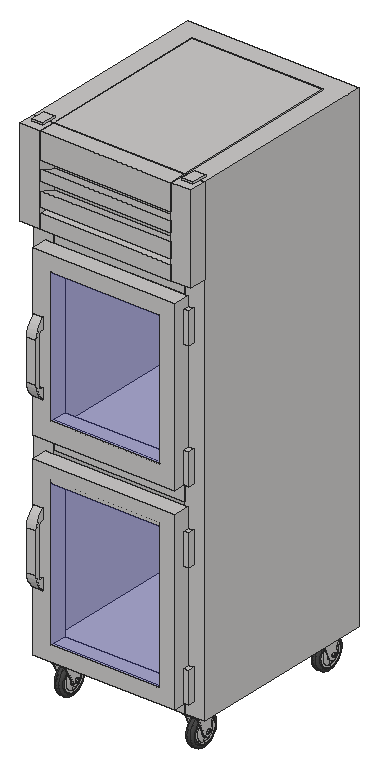
Revit family "QF_TRUE_STA1R-2HG-HC", category Specialty Equipment, Revit 2017
Family settings
  Round Connector Dimension = Use Diameter
  Part Type = Normal
  Work Plane-Based = No
  Always vertical = Yes
  Cut with Voids When Loaded = No
  Shared = No
  Room Calculation Point = No
Parameters
  Weight in Pounds = 0
  Watts = if(Phase = 3, Volts * FL Amps * 1.73, Volts * FL Amps)  # 437 W
  Volts = 115 V
  URL Cutsheet = ""
  Specification by User = ""
  Specification by Manufacturer = ""
  Show Seismic Flange [instance] = no
  Show Legs [instance] = no
  Show Clearance [instance] = yes
  Show Casters [instance] = not(or(Show Legs, Show Seismic Flange))  # yes
  Serial Number = ""
  Seismic Rating = ""
  Seismic Flange [instance] = yes
  SMACNA No = ""
  Revision Code = ""
  Phase = 1
  Number of Poles = 1
  NAFEM Spec ID Number = ""
  Model = "STA1R-2HG-HC"
  Min Ckt Ampacity = 0 A
  Max Overcurrent Protection = 0 A
  Masterspec = ""
  Manufacturer = "TRUE"
  Length = 27 1/2"
  Legs [instance] = yes
  Item Number = ""
  Installed By = ""
  Identify Quantity as Lot = yes
  Height [instance] = Body Height + Base Height  # 84.13097"
  HP = "1/4"
  Furnished By = ""
  Foodservice Equipment Identifier = yes
  FL Amps = 3.8 A
  Electrical Remarks = ""
  Electric Connection Type = ""
  Elec Conn RI Height = 0"
  Elec Conn Connection Height = 0"
  Description = "REACH-IN GLASS HALF SWING DOOR REFRIGERATOR WITH HYDROCARBON REFRIGERANT"
  Depth = 35 7/32"
  Cycle = 60 Hz
  Conn Plug = "NEMA 5-15P"
  Conn Conduit = yes
  CSI MasterFormat = ""
  Body Height [instance] = 78.00597"
  Base Height [instance] = if(Show Casters, 6 1/8", if(Show Legs, 6", if(Show Seismic Flange, 6", 6 1/8")))  # 6 1/8"
  Apparent Power = if(Phase = 3, Volts * FL Amps * 1.73, Volts * FL Amps)  # 437 VA
Reference planes (in)
  plane 1 "BACK": y = 0
  plane 2: z = 0
  plane 3 "LEFT": x = 0
  plane 4 "RIGHT": x = 27.5
  plane 5 "FRONT": y = -35.21875
  plane 6 "TOP": z = 6.125
  plane 7 "Center Y": x = 13.75
  plane 8 "Center X": y = -17.60937
  plane 9: z = 84.13097
Dimensions and locks (in)
  equal spacing: plane 3 "LEFT", plane 7 "Center Y", plane 4 "RIGHT"
  "Length": plane 3 "LEFT" to plane 4 "RIGHT"
  equal spacing: plane 5 "FRONT", plane 8 "Center X", plane 1 "BACK"
  "Depth": plane 5 "FRONT" to plane 1 "BACK"
  "Base Height": plane 6 "TOP" to level
  "Body Height": plane 9 to plane 6 "TOP"
  plane 9 to plane 2 = 84.13097"
  aligned and locked: plane 2 to level
  aligned and locked: plane 6 "TOP" to nested 5
Nested families (in)
  nested 1: "6 INCHES 01_CASTER" at (3.17613, -28.92578, 0), Seismic Plate <- "Show Seismic Flange", Show 6" Casters <- "Show Casters", Show Legs <- "Show Legs", type "6 INCHES 01_CASTER"
    with Type Mark "", Status "", Specification by User "", Show Legs no, Show 6" Casters yes, Seismic Plate no, Revision Code "", Key Locks yes, Item Number "", Installed By "", Identify Quantity as Lot yes, Furnished By "", Foodservice Equipment Identifier yes
  nested 2: "6 INCHES 01_CASTER" at (3.17613, -3.70678, 0), Seismic Plate <- "Show Seismic Flange", Show 6" Casters <- "Show Casters", Show Legs <- "Show Legs", type "6 INCHES 01_CASTER"
    with Type Mark "", Status "", Specification by User "", Show Legs no, Show 6" Casters yes, Seismic Plate no, Revision Code "", Key Locks yes, Item Number "", Installed By "", Identify Quantity as Lot yes, Furnished By "", Foodservice Equipment Identifier yes
  nested 3: "6 INCHES 01_CASTER" at (24.32387, -28.92578, 0), Seismic Plate <- "Show Seismic Flange", Show 6" Casters <- "Show Casters", Show Legs <- "Show Legs", type "6 INCHES 01_CASTER"
    with Type Mark "", Status "", Specification by User "", Show Legs no, Show 6" Casters yes, Seismic Plate no, Revision Code "", Key Locks yes, Item Number "", Installed By "", Identify Quantity as Lot yes, Furnished By "", Foodservice Equipment Identifier yes
  nested 4: "6 INCHES 01_CASTER" at (24.32387, -3.70678, 0), Seismic Plate <- "Show Seismic Flange", Show 6" Casters <- "Show Casters", Show Legs <- "Show Legs", type "6 INCHES 01_CASTER"
    with Type Mark "", Status "", Specification by User "", Show Legs no, Show 6" Casters yes, Seismic Plate no, Revision Code "", Key Locks yes, Item Number "", Installed By "", Identify Quantity as Lot yes, Furnished By "", Foodservice Equipment Identifier yes
  nested 5: "STA1R-2HG-HC" at (0, 0, 0), Show Clearance <- "Show Clearance", type "STA1R-2HG-HC"
    with Show Clearance yes
Connectors (in)
  electrical at (21.9001, 0.25, 82.52059), driven by "Volts", driven by "Watts"
    settings: on nested 5, index 1, voltage 115 V, apparent load 437 VA, apparent load phase1 0 VA, apparent load phase2 0 VA, apparent load phase3 0 VA, power factor 1, load classification "Other", number of poles 1, system type 30, power factor state 1, is connector primary yes, connector utility no, sub classification motor no, connector description "ELECTRICAL CONNECTION"
Definition of nested family "6 INCHES 01_CASTER"
  Parameters (values of type "6 INCHES 01_CASTER")
    Weight = ""
    URL Manufacturer = ""
    URL Cutsheet = ""
    URL = ""
    Type Mark [instance] = ""
    Status [instance] = ""
    Specification by User [instance] = ""
    Specification by Manufacturer = ""
    Show Legs [instance] = yes
    Show 6" Casters [instance] = yes
    Serial Number = ""
    Seismic Rating = ""
    Seismic Plate [instance] = yes
    SMACNA No = ""
    Revision Code [instance] = ""
    Omniclass Number and Title = ""
    NAFEM Spec ID Number = ""
    Model = ""
    MasterSpec. = ""
    Manufacturer = ""
    Key Locks [instance] = yes
    Item Number [instance] = ""
    Installed By [instance] = ""
    Identify Quantity as Lot [instance] = yes
    Furnished By [instance] = ""
    Foodservice Equipment Identifier [instance] = yes
    Description = ""
    CSI MasterFormat = ""
    CSI Master Format = ""
    Assembly Code = ""
  Reference planes (in)
    plane 1: z = 0
    plane 2 "RIGHT": x = 0
    plane 3 "FRONT": y = 0
    plane 4 "TOP": z = 6.125
    plane 5: z = 6
  Forms (in)
    Revolve 1, solid, visible <- "Show 6" Casters"
      sketch origin (0, 2.21793, 0) x (0, 1, 0) y (0, 0, 1)
        loop
          line (-2.21793, 6.125) -> (-2.21793, 5.55584) -> (-0.93693, 5.55584) -> (-0.93693, 6.125) -> (-2.21793, 6.125)
        axis (-2.21793, 5.55584) -> (-2.21793, 6.125)
      angle from 0 to 360
    Extrusion 2, solid, visible <- "Show 6" Casters"
      sketch origin (-1.81294, 2.21793, 0) x (0, 1, 0) y (0, 0, 1)
        loop
          line (-3.37793, 5.55584) -> (-3.37793, 5.25584) -> (-3.23369, 5.25584)
          arc (-3.23369, 5.25584) -> (-3.1238, 5.20977) -> (-3.03725, 5.12786) r 0.33195
          line (-3.03725, 5.12786) -> (-1.55521, 1.94961)
          arc (-1.55521, 1.94961) -> (-0.54268, 1.81523) -> (-0.22336, 2.78544) r 0.8
          arc (-0.22336, 2.78544) -> (-0.27816, 2.89808) -> (-0.34988, 3.00079) r 0.8
          arc (-0.34988, 3.00079) -> (-0.37005, 3.3613) -> (-0.26088, 3.70547) r 1
          line (-0.26088, 3.70547) -> (0.31507, 4.78867)
          arc (0.31507, 4.78867) -> (-0.09241, 4.97284) -> (-0.5252, 5.08531) r 2.63
          line (-0.5252, 5.08531) -> (-0.54193, 5.25584) -> (-1.05793, 5.25584) -> (-1.05793, 5.55584) -> (-3.37793, 5.55584)
      from 0.78968 to 0.90247
    Extrusion 3, solid, visible <- "Show 6" Casters"
      sketch origin (0.13094, 2.21793, 0) x (0, 1, 0) y (0, 0, 1)
        loop
          line (-3.37793, 5.55584) -> (-3.37793, 5.25584) -> (-3.23369, 5.25584)
          arc (-3.23369, 5.25584) -> (-3.1238, 5.20977) -> (-3.03725, 5.12786) r 0.33195
          line (-3.03725, 5.12786) -> (-1.55521, 1.94961)
          arc (-1.55521, 1.94961) -> (-0.54268, 1.81523) -> (-0.22336, 2.78544) r 0.8
          arc (-0.22336, 2.78544) -> (-0.27816, 2.89808) -> (-0.34988, 3.00079) r 0.8
          arc (-0.34988, 3.00079) -> (-0.37005, 3.3613) -> (-0.26088, 3.70547) r 1
          line (-0.26088, 3.70547) -> (0.31507, 4.78867)
          arc (0.31507, 4.78867) -> (-0.09241, 4.97284) -> (-0.5252, 5.08531) r 2.63
          line (-0.5252, 5.08531) -> (-0.54193, 5.25584) -> (-1.05793, 5.25584) -> (-1.05793, 5.55584) -> (-3.37793, 5.55584)
      from 0.78968 to 0.90247
    Extrusion 4, solid, visible <- "Show 6" Casters"
      sketch origin (-1.93794, 2.21793, 0) x (0, 1, 0) y (0, 0, 1)
        loop
          line (-3.37793, 5.55584) -> (-3.37793, 5.25584) -> (-3.23369, 5.25584) -> (-0.7432, 5.03796) -> (0.2811, 4.72479) -> (0.31507, 4.78867)
          arc (0.31507, 4.78867) -> (-0.09241, 4.97284) -> (-0.5252, 5.08531) r 2.63
          line (-0.5252, 5.08531) -> (-0.54193, 5.25584) -> (-1.05793, 5.25584) -> (-1.05793, 5.55584) -> (-3.37793, 5.55584)
      from 1.02747 to 2.85669
    Revolve 5, solid, visible <- "Show 6" Casters"
      sketch origin (-1.93794, 1.21343, 0) x (1, 0, 0) y (0, 0, 1)
        loop
          line (0.5843, 2.5041) -> (3.2907, 2.5041) -> (3.2907, 2.6421) -> (3.2407, 2.6921) -> (3.1807, 2.6921) -> (3.1807, 2.8278) -> (2.7025, 2.8278) -> (2.7025, 3.22009) -> (2.5625, 3.30092) -> (2.42847, 4.1291) -> (2.59375, 4.1291) -> (2.59375, 4.3791) -> (2.5625, 4.3791) -> (2.5625, 4.6291)
          arc (2.5625, 4.6291) -> (2.45267, 4.89426) -> (2.1875, 5.0041) r 0.375
          line (2.1875, 5.0041) -> (1.6875, 5.0041)
          arc (1.6875, 5.0041) -> (1.42233, 4.89426) -> (1.3125, 4.6291) r 0.375
          line (1.3125, 4.6291) -> (1.3125, 4.3791) -> (1.28125, 4.3791) -> (1.28125, 4.1291) -> (1.44653, 4.1291) -> (1.31307, 3.30443) -> (1.1725, 3.22327) -> (1.1725, 2.8278) -> (0.6943, 2.8278) -> (0.6943, 2.6921) -> (0.6343, 2.6921) -> (0.5843, 2.6421) -> (0.5843, 2.5041)
        axis (0.5843, 2.5041) -> (3.2907, 2.5041)
      angle from 0 to 360
    Revolve 6, solid, visible <- "Show Legs"
      sketch origin (11.12172, 0, 0) x (-1, 0, 0) y (0, 0, -1)
        loop
          line (11.12172, -6) -> (11.12172, 0) -> (10.62172, 0) -> (10.62172, -1.30261) -> (10.37172, -1.30261) -> (10.37172, -6) -> (11.12172, -6)
        axis (11.12172, 0) -> (11.12172, -6)
      angle from 0 to 360
    Extrusion 7, solid, visible <- "Seismic Plate"
      sketch origin (-3.06916, 1.69416, 0) x (1, 0, 0) y (0, 1, 0)
        loop
          circle (3.06916, -1.69416) r 1.5
      from 0 to 0.25
    Revolve 8, solid, visible <- "Seismic Plate"
      sketch origin (11.12172, 0, 0) x (-1, 0, 0) y (0, 0, -1)
        loop
          line (11.12172, -6) -> (11.12172, 0) -> (10.62172, 0) -> (10.62172, -1.30261) -> (10.37172, -1.30261) -> (10.37172, -6) -> (11.12172, -6)
        axis (11.12172, 0) -> (11.12172, -6)
      angle from 0 to 360
  Cuts and joins
    joined: Extrusion 2, Extrusion 3, Extrusion 4
  Lines and regions (in)
    symbolic lines, visible <- "Show 6" Casters"
      curve 1: line (0.70901, 2.6399, 0) -> (1.79507, 2.01286, 0)
      curve 2: line (-1.79099, -1.69023, 0) -> (-0.91599, -0.17468, 0)
      curve 3: line (-0.70493, -2.31727, 0) -> (-1.79099, -1.69023, 0)
      curve 4: line (1.79507, 2.01286, 0) -> (0.92007, 0.49732, 0)
      curve 5: line (-0.16599, 1.12436, 0) -> (0.70901, 2.6399, 0)
      curve 6: line (0.17007, -0.80172, 0) -> (-0.70493, -2.31727, 0)
  Dimensions and locks (in)
    plane 4 "TOP" to level = 6 1/8"  (x2)
    Revolve 5 sketch curve to Revolve 5 sketch curve = 2 1/2"
    locked: Revolve 6 sketch curve to Revolve 6 sketch curve at 1.30261
    locked: Revolve 6 sketch curve to Revolve 6 sketch curve at 0.75
    locked: Revolve 8 sketch curve to Revolve 8 sketch curve at 1.30261
    locked: Revolve 8 sketch curve to Revolve 8 sketch curve at 0.75
    plane 5 to plane 1 = 6"
    aligned and locked: level to plane 1
Definition of nested family "STA1R-2HG-HC"
  Parameters (values of type "STA1R-2HG-HC")
    Weight in Pounds = 0
    Watts = if(Phase = 3, Volts * FL Amps * 1.73, Volts * FL Amps)  # 1725 W
    Volts = 115 V
    URL Cutsheet = ""
    Specification by User = ""
    Specification by Manufacturer = ""
    Show Clearance [instance] = yes
    Serial Number = ""
    Seismic Rating = ""
    SMACNA No = ""
    Revision Code = ""
    Phase = 1
    Number of Poles = 1
    NAFEM Spec ID Number = ""
    Model = "STA1R-2HG-HC"
    Min Ckt Ampacity = 0 A
    Max Overcurrent Protection = 0 A
    Masterspec = ""
    Manufacturer = "TRUE"
    Length = 27 1/2"
    Item Number = ""
    Installed By = ""
    Identify Quantity as Lot = yes
    Height = 84 1/8"
    HP = ""
    Furnished By = ""
    Foodservice Equipment Identifier = yes
    FL Amps = 15 A
    Electrical Remarks = ""
    Electric Connection Type = ""
    Elec Conn RI Height = 0"
    Elec Conn Connection Height = 0"
    Description = "REACH-IN GLASS HALF SWING DOOR REFRIGERATOR WITH HYDROCARBON REFRIGERANT"
    Depth = 35 7/32"
    Cycle = 60 Hz
    Conn Plug = "NEMA 5-15P"
    Conn Conduit = yes
    CSI MasterFormat = ""
    Apparent Power = if(Phase = 3, Volts * FL Amps * 1.73, Volts * FL Amps)  # 1725 VA
  Reference planes (in)
    plane 1 "BACK": y = 0
    plane 2: z = 0
    plane 3 "LEFT": x = 0
    plane 4 "RIGHT": x = 27.5
    plane 5 "FRONT": y = -35.21875
    plane 6 "TOP": z = 84.125
    plane 7 "Center Y": x = 13.75
    plane 8 "Center X": y = -17.60937
    plane 9: z = 66.5625
    plane 10: z = 6.625
    plane 11: y = -33.75
    plane 12: y = -31
    plane 13: z = 83.875
    plane 14: z = 69.75
    plane 15: z = 6.125
  Forms (in)
    Extrusion 1, solid
      sketch origin (0, 0, 0) x (1, 0, 0) y (0, 1, 0)
        loop
          line (0, 0) -> (0, -31) -> (3.17613, -31) -> (3.17613, -3.17578) -> (24.32387, -3.17578) -> (24.32387, -31) -> (27.5, -31) -> (27.5, 0) -> (0, 0)
      from 6.125 to 83.875
    Extrusion 2, solid
      sketch origin (29.21234, -31, 0) x (-1, 0, 0) y (0, 0, -1)
        loop
          line (29.21234, -83.875) -> (29.21234, -69.75) -> (26.03622, -69.75) -> (26.03622, -83.875) -> (29.21234, -83.875)
        loop
          line (4.88847, -69.75) -> (1.71234, -69.75) -> (1.71234, -83.875) -> (4.88847, -83.875) -> (4.88847, -69.75)
      from 0 to 2.75
    Extrusion 3, solid
      sketch origin (3.17613, -31, 6.625) x (0, 0, 1) y (0, -1, 0)
        loop
          line (77.25, 2.75) -> (73.08336, 2.75) -> (71.95836, 0) -> (77.25, 0) -> (77.25, 2.75)
        loop
          line (65.40671, 2.75) -> (63.125, 2.75) -> (63.125, 0) -> (65.40671, 0) -> (65.40671, 2.75)
        loop
          line (66.28171, 2.75) -> (66.28171, 0) -> (67.53171, 0) -> (68.65671, 2.75) -> (66.28171, 2.75)
        loop
          line (70.03171, 2.75) -> (68.90671, 0) -> (70.65671, 0) -> (71.78171, 2.75) -> (70.03171, 2.75)
      from 0 to 21.14774
    Extrusion 4, solid
      sketch origin (29.21234, -31, 0) x (-1, 0, 0) y (0, 0, -1)
        loop
          line (27.21234, -39.65265) -> (4.33734, -39.65265) -> (4.33734, -66.5625) -> (27.21234, -66.5625) -> (27.21234, -39.65265)
        loop
          line (24.22351, -64.14552) -> (24.22351, -42.73567) -> (6.72351, -42.73567) -> (6.72351, -64.14552) -> (24.22351, -64.14552)
      from 0 to 2.75
    Extrusion 5, solid
      sketch origin (3.17613, -31, 6.625) x (0, 0, 1) y (0, -1, 0)
        loop
          line (63.125, -2) -> (63.125, 0) -> (59.9375, 0) -> (59.9375, -2) -> (63.125, -2)
        loop
          line (-0.5, -27.82422) -> (3.1178, -27.82422) -> (3.1178, 0) -> (-0.5, 0) -> (-0.5, -27.82422)
        loop
          line (77.25, 0) -> (75.25, 0) -> (75.25, -27.82422) -> (77.25, -27.82422) -> (77.25, 0)
        loop
          line (33.02765, 0) -> (30.02765, 0) -> (30.02765, -26.5) -> (33.02765, -26.5) -> (33.02765, 0)
      from 0 to 21.14774
    Extrusion 6, solid
      sketch origin (29.21234, -31, 0) x (-1, 0, 0) y (0, 0, -1)
        loop
          line (24.22351, -64.14552) -> (24.22351, -42.73567) -> (6.72351, -42.73567) -> (6.72351, -64.14552) -> (24.22351, -64.14552)
        loop
          line (24.22351, -10.41797) -> (6.72351, -10.41797) -> (6.72351, -34.23567) -> (24.22351, -34.23567) -> (24.22351, -10.41797)
      from 2.41111 to 2.75
    Extrusion 7, solid
      sketch origin (0, 0, 0) x (0, 1, 0) y (0, 0, 1)
        loop
          line (-33.75, 55.4683) -> (-33.75, 57.23014)
          arc (-33.75, 57.23014) -> (-34.78358, 56.04334) -> (-35.21875, 54.53092) r 3.6356
          line (-35.21875, 54.53092) -> (-35.21875, 48.02235)
          arc (-35.21875, 48.02235) -> (-34.78358, 46.50994) -> (-33.75, 45.32314) r 3.6356
          line (-33.75, 45.32314) -> (-33.75, 47.08498) -> (-34.26221, 47.08498)
          arc (-34.26221, 47.08498) -> (-34.46937, 47.17078) -> (-34.55518, 47.37795) r 0.29297
          line (-34.55518, 47.37795) -> (-34.55518, 55.17375)
          arc (-34.55518, 55.17375) -> (-34.46891, 55.38203) -> (-34.26063, 55.4683) r 0.29455
          line (-34.26063, 55.4683) -> (-33.75, 55.4683)
      from 2.2863 to 3.74581
    Extrusion 8, solid
      sketch origin (29.21234, -31, 0) x (-1, 0, 0) y (0, 0, -1)
        loop
          line (4.33734, -65.065) -> (4.33734, -60.065) -> (3.38847, -60.065) -> (3.38847, -65.065) -> (4.33734, -65.065)
        loop
          line (4.33734, -44.815) -> (4.33734, -39.815) -> (3.38847, -39.815) -> (3.38847, -44.815) -> (4.33734, -44.815)
        loop
          line (4.33734, -33.065) -> (4.33734, -28.065) -> (3.38847, -28.065) -> (3.38847, -33.065) -> (4.33734, -33.065)
        loop
          line (4.33734, -13.315) -> (4.33734, -8.315) -> (3.38847, -8.315) -> (3.38847, -13.315) -> (4.33734, -13.315)
      from 0 to 1
    Extrusion 9, solid
      sketch origin (0, 0, 0) x (1, 0, 0) y (0, 0, -1)
        loop
          circle (21.9001, -82.52059) r 0.75
      from 0 to 0.25
    Extrusion 10, solid
      sketch origin (24.32387, -31, 83.875) x (1, 0, 0) y (0, 1, 0)
        loop
          line (0.64046, 1.14875) -> (0.64046, -1.35125) -> (2.39046, -1.35125) -> (2.39046, 1.14875) -> (0.64046, 1.14875)
        loop
          line (-21.7882, 1.14875) -> (-23.5382, 1.14875) -> (-23.5382, -1.35125) -> (-21.7882, -1.35125) -> (-21.7882, 1.14875)
      from 0 to 0.25
    Extrusion 11, solid, visible <- "Show Clearance", detail levels coarse
      sketch origin (0, 1.46875, 0) x (1, 0, 0) y (0, 1, 0)
        loop
          arc (2, -35.21875) -> (9.33055, -50.38495) -> (24.875, -56.87498) r 23.74968
          line (24.875, -56.87498) -> (24.875, -35.21875) -> (2, -35.21875)
      from 36.15265 to 8
    Extrusion 12, solid
      sketch origin (29.21234, -31, 0) x (-1, 0, 0) y (0, 0, -1)
        loop
          line (27.21234, -8) -> (4.33734, -8) -> (4.33734, -36.15265) -> (27.21234, -36.15265) -> (27.21234, -8)
        loop
          line (24.22351, -33.73567) -> (24.22351, -10.41797) -> (6.72351, -10.41797) -> (6.72351, -33.73567) -> (24.22351, -33.73567)
      from 0 to 2.75
    Extrusion 13, solid
      sketch origin (0, 0, -27.49288) x (0, 1, 0) y (0, 0, 1)
        loop
          line (-33.75, 55.4683) -> (-33.75, 57.23014)
          arc (-33.75, 57.23014) -> (-34.78358, 56.04334) -> (-35.21875, 54.53092) r 3.6356
          line (-35.21875, 54.53092) -> (-35.21875, 48.02235)
          arc (-35.21875, 48.02235) -> (-34.78358, 46.50994) -> (-33.75, 45.32314) r 3.6356
          line (-33.75, 45.32314) -> (-33.75, 47.08498) -> (-34.26221, 47.08498)
          arc (-34.26221, 47.08498) -> (-34.46937, 47.17078) -> (-34.55518, 47.37795) r 0.29297
          line (-34.55518, 47.37795) -> (-34.55518, 55.17375)
          arc (-34.55518, 55.17375) -> (-34.46891, 55.38203) -> (-34.26063, 55.4683) r 0.29455
          line (-34.26063, 55.4683) -> (-33.75, 55.4683)
      from 2.2863 to 3.74581
    Extrusion 14, solid, visible <- "Show Clearance", detail levels coarse
      sketch origin (0, 1.46875, 0) x (1, 0, 0) y (0, 1, 0)
        loop
          arc (2, -35.21875) -> (9.33055, -50.38495) -> (24.875, -56.87498) r 23.74968
          line (24.875, -56.87498) -> (24.875, -35.21875) -> (2, -35.21875)
      from 39.65265 to 66.5625
  Lines and regions (in)
    symbolic lines
      curve 1: line (2.2863, -35.21875, 0) -> (2.2863, -33.75, 0)
      curve 2: line (2.2863, -35.21875, 0) -> (3.74581, -35.21875, 0)
      curve 3: line (3.74581, -35.21875, 0) -> (3.74581, -33.75, 0)
      curve 4: line (0, -33.75, 0) -> (27.5, -33.75, 0)
      curve 5: line (27.5, -33.75, 0) -> (27.5, 0, 0)
      curve 6: line (27.5, 0, 0) -> (0, 0, 0)
      curve 7: line (0, 0, 0) -> (0, -33.75, 0)
      curve 8: line (24.875, -33.75, 0) -> (5.83188, -44.74455, 0)
      curve 9: arc (2, -33.75, 0) -> (3.23175, -39.48573, 0) -> (5.83188, -44.74455, 0) r 23.74968
      curve 10: line (0.78567, -29.85125, 0) -> (2.53567, -29.85125, 0)
      curve 11: line (0.78567, -32.35125, 0) -> (0.78567, -29.85125, 0)
      curve 12: line (2.53567, -32.35125, 0) -> (0.78567, -32.35125, 0)
      curve 13: line (2.53567, -29.85125, 0) -> (2.53567, -32.35125, 0)
      curve 14: line (24.96433, -29.85125, 0) -> (26.71433, -29.85125, 0)
      curve 15: line (24.96433, -32.35125, 0) -> (24.96433, -29.85125, 0)
      curve 16: line (26.71433, -32.35125, 0) -> (24.96433, -32.35125, 0)
      curve 17: line (26.71433, -29.85125, 0) -> (26.71433, -32.35125, 0)
      curve 18: line (24.96433, -31.00634, 0) -> (2.53567, -31.00634, 0)
      curve 19: line (0, -31, 0) -> (0.78567, -31, 0)
      curve 20: line (27.5, -31, 0) -> (26.71433, -31, 0)
  Dimensions and locks (in)
    equal spacing: plane 3 "LEFT", plane 7 "Center Y", plane 4 "RIGHT"
    "Length": plane 3 "LEFT" to plane 4 "RIGHT"
    equal spacing: plane 5 "FRONT", plane 8 "Center X", plane 1 "BACK"
    "Depth": plane 5 "FRONT" to plane 1 "BACK"
    "Height": plane 6 "TOP" to level
    plane 4 "RIGHT" to plane 3 "LEFT" = 27 1/2"
    plane 9 to plane 10 = 59 15/16"
    plane 5 "FRONT" to plane 1 "BACK" = 35 7/32"
    plane 11 to plane 1 "BACK" = 33 3/4"
    plane 12 to plane 1 "BACK" = 31"
    plane 13 to plane 10 = 77 1/4"
    plane 6 "TOP" to plane 13 = 1/4"
    plane 6 "TOP" to plane 14 = 14 3/8"
    plane 15 to plane 2 = 6 1/8"
    aligned and locked: plane 2 to level
  Automatic sketch dimensions
    curve 19 to plane 3 "LEFT" = 0"
    curve 19 to plane 12 = 0"
    curve 9 to plane 11 = 0"
    plane 5 "FRONT" to curve 2 = 0"
    curve 20 to plane 12 = 0"
    plane 1 "BACK" to curve 6 = 0"
    curve 6 to plane 4 "RIGHT" = 0"
    plane 3 "LEFT" to curve 11 = 0.78567"
    plane 3 "LEFT" to curve 2 = 2.2863"
    curve 1 to curve 13 = 0.24937"
    curve 1 to curve 2 = 1.45951"
    plane 3 "LEFT" to curve 8 = 5.83188"
    plane 4 "RIGHT" to curve 16 = 2.53567"
    curve 18 to curve 9 = 0.69405"
    plane 4 "RIGHT" to curve 16 = 0.78567"
    plane 5 "FRONT" to curve 8 = 9.5258"
    curve 11 to plane 12 = 1.35125"
    curve 16 to plane 12 = 1.35125"
    curve 9 to plane 12 = 0.66948"
    curve 20 to curve 14 = 1.14875"
    plane 12 to curve 13 = 1.14875"
    curve 8 to curve 15 = 0.08933"
    curve 18 to plane 12 = 0.00634"
    plane 1 "BACK" to Extrusion 1 sketch curve = 0"
    Extrusion 1 sketch curve to plane 3 "LEFT" = 0"
    Extrusion 1 sketch curve to plane 12 = 0"  (x2)
    Extrusion 1 sketch curve to plane 4 "RIGHT" = 0"
    plane 3 "LEFT" to Extrusion 1 sketch curve = 3.17613"
    plane 4 "RIGHT" to Extrusion 1 sketch curve = 3.17613"
    plane 1 "BACK" to Extrusion 1 sketch curve = 3 45/256"
    Extrusion 2 sketch curve to Extrusion 1 = 0"  (x4)
    Extrusion 1 to Extrusion 2 sketch curve = 21.14774"
    Extrusion 2 sketch curve to Extrusion 2 sketch curve = 3.17613"
    Extrusion 2 sketch curve to Extrusion 2 sketch curve = 14 1/8"  (x2)
    Extrusion 3 sketch curve to Extrusion 2 = 0"  (x10)
    Extrusion 2 to Extrusion 3 sketch curve = 2.28171"
    Extrusion 3 sketch curve to Extrusion 3 sketch curve = 7/8"
    Extrusion 3 sketch curve to Extrusion 3 sketch curve = 1 1/4"
    Extrusion 3 sketch curve to Extrusion 3 sketch curve = 2 3/8"
    Extrusion 3 sketch curve to Extrusion 3 sketch curve = 1 3/8"  (x2)
    Extrusion 3 sketch curve to Extrusion 3 sketch curve = 1 3/4"  (x2)
    Extrusion 3 sketch curve to Extrusion 3 sketch curve = 1.30166"  (x2)
    Extrusion 1 to Extrusion 4 sketch curve = 21.69887"
    Extrusion 4 sketch curve to Extrusion 4 sketch curve = 2.38616"
    Extrusion 1 to Extrusion 4 sketch curve = 1.81271"
    Extrusion 4 sketch curve to Extrusion 1 = 1.17613"
    Extrusion 1 to Extrusion 4 sketch curve = 17 5/16"
    Extrusion 4 sketch curve to Extrusion 4 sketch curve = 2.41698"
    Extrusion 4 sketch curve to Extrusion 4 sketch curve = 21.40985"
    Extrusion 4 sketch curve to Extrusion 4 sketch curve = 3.08302"
    Extrusion 5 sketch curve to Extrusion 2 = 0"  (x5)
    Extrusion 2 to Extrusion 5 sketch curve = 0"
    Extrusion 5 sketch curve to Extrusion 2 = 3 3/16"
    Extrusion 5 sketch curve to Extrusion 5 sketch curve = 26.90985"  (x2)
    Extrusion 5 sketch curve to Extrusion 5 sketch curve = 3"
    Extrusion 5 sketch curve to Extrusion 5 sketch curve = 3.6178"
    Extrusion 5 sketch curve to Extrusion 2 = 2"
    Extrusion 5 sketch curve to Extrusion 5 sketch curve = 2"
    Extrusion 5 sketch curve to Extrusion 2 = 26 1/2"
    Extrusion 5 sketch curve to Extrusion 5 sketch curve = 1 83/256"
    Extrusion 5 sketch curve to Extrusion 2 = 27 211/256"
    Extrusion 1 to Extrusion 6 sketch curve = 19.31271"  (x2)
    Extrusion 1 to Extrusion 6 sketch curve = 1.81271"  (x2)
    Extrusion 1 to Extrusion 6 sketch curve = 19.72948"
    Extrusion 6 sketch curve to Extrusion 6 sketch curve = 21.40985"
    Extrusion 7 sketch curve to plane 5 "FRONT" = 0"
    Extrusion 7 sketch curve to plane 11 = 0"  (x2)
    Extrusion 7 sketch curve to plane 5 "FRONT" = 0.66357"
    Extrusion 7 sketch curve to Extrusion 7 sketch curve = 75/256"
    Extrusion 7 sketch curve to Extrusion 7 sketch curve = 0.29455"
    Extrusion 7 sketch curve to plane 12 = 0.59013"  (x2)
    Extrusion 7 sketch curve to plane 9 = 21.23936"
    Extrusion 7 sketch curve to Extrusion 7 sketch curve = 1.76184"
    Extrusion 7 sketch curve to Extrusion 7 sketch curve = 0.64441"
    Extrusion 7 sketch curve to Extrusion 7 sketch curve = 6.05804"
    Extrusion 7 sketch curve to Extrusion 7 sketch curve = 0.22526"
    Extrusion 7 sketch curve to Extrusion 7 sketch curve = 0.64282"
    Extrusion 8 sketch curve to Extrusion 1 = 1 1/2"  (x4)
    Extrusion 8 sketch curve to Extrusion 1 = 0.55113"  (x4)
    Extrusion 1 to Extrusion 8 sketch curve = 18.81"
    Extrusion 8 sketch curve to Extrusion 8 sketch curve = 5"  (x3)
    Extrusion 8 sketch curve to Extrusion 8 sketch curve = 15 1/4"
    Extrusion 8 sketch curve to Extrusion 8 sketch curve = 6 3/4"
    Extrusion 1 to Extrusion 8 sketch curve = 7.19"
    Extrusion 1 to Extrusion 8 sketch curve = 2.19"
    Extrusion 1 to Extrusion 9 sketch curve = 1.35441"
    Extrusion 9 sketch curve to Extrusion 1 = 5.5999"
    Extrusion 10 sketch curve to Extrusion 2 = 1.14875"  (x2)
    Extrusion 10 sketch curve to Extrusion 2 = 23.5382"
    Extrusion 10 sketch curve to Extrusion 10 sketch curve = 1 3/4"
    Extrusion 2 to Extrusion 10 sketch curve = 0.64046"
    Extrusion 2 to Extrusion 10 sketch curve = 0.78567"
    Extrusion 2 to Extrusion 10 sketch curve = 1.35125"  (x2)
    Extrusion 11 sketch curve to plane 11 = 0"
    plane 3 "LEFT" to Extrusion 11 sketch curve = 2"
    plane 4 "RIGHT" to Extrusion 11 sketch curve = 2 5/8"
    Extrusion 11 sketch curve to plane 12 = 0.66948"
    plane 4 "RIGHT" to Extrusion 11 sketch curve = 1.84162"
    Extrusion 1 to Extrusion 12 sketch curve = 1 7/8"
    Extrusion 1 to Extrusion 12 sketch curve = 21.69887"
    Extrusion 12 sketch curve to Extrusion 12 sketch curve = 2.38616"
    Extrusion 1 to Extrusion 12 sketch curve = 1.81271"
    Extrusion 12 sketch curve to Extrusion 1 = 1.17613"
    Extrusion 12 sketch curve to Extrusion 12 sketch curve = 2 107/256"
    Extrusion 12 sketch curve to Extrusion 12 sketch curve = 23.3177"
    Extrusion 12 sketch curve to Extrusion 12 sketch curve = 2.41698"
    Extrusion 13 sketch curve to plane 5 "FRONT" = 0"
    Extrusion 13 sketch curve to plane 11 = 0"  (x2)
    Extrusion 13 sketch curve to plane 5 "FRONT" = 0.66357"
    Extrusion 13 sketch curve to Extrusion 13 sketch curve = 75/256"
    Extrusion 13 sketch curve to Extrusion 13 sketch curve = 0.29455"
    Extrusion 13 sketch curve to plane 12 = 0.59013"  (x2)
    plane 10 to Extrusion 13 sketch curve = 11.20526"
    Extrusion 13 sketch curve to Extrusion 13 sketch curve = 1.76184"
    Extrusion 13 sketch curve to Extrusion 13 sketch curve = 0.64441"
    Extrusion 13 sketch curve to Extrusion 13 sketch curve = 6.05804"
    Extrusion 13 sketch curve to Extrusion 13 sketch curve = 0.22526"
    Extrusion 13 sketch curve to Extrusion 13 sketch curve = 0.64282"
    Extrusion 14 sketch curve to plane 11 = 0"
    plane 3 "LEFT" to Extrusion 14 sketch curve = 2"
    plane 4 "RIGHT" to Extrusion 14 sketch curve = 2 5/8"
    Extrusion 14 sketch curve to plane 12 = 0.66948"
    plane 4 "RIGHT" to Extrusion 14 sketch curve = 1.84162"
    Extrusion 1 to Extrusion 6 sketch curve = 4 75/256"
    Extrusion 6 sketch curve to Extrusion 6 sketch curve = 8 1/2"
    radius of Extrusion 9 sketch curve = 3/4"
  Connectors (in)
    electrical at (21.9001, 0.25, 82.52059), driven by "Volts", driven by "Watts"
      settings: on Extrusion 9, index 1, voltage 115 V, apparent load 1725 VA, apparent load phase1 0 VA, apparent load phase2 0 VA, apparent load phase3 0 VA, power factor 1, load classification none, number of poles 1, system type 30, power factor state 1, is connector primary yes, connector utility no, sub classification motor no, connector description "ELECTRICAL CONNECTION"
